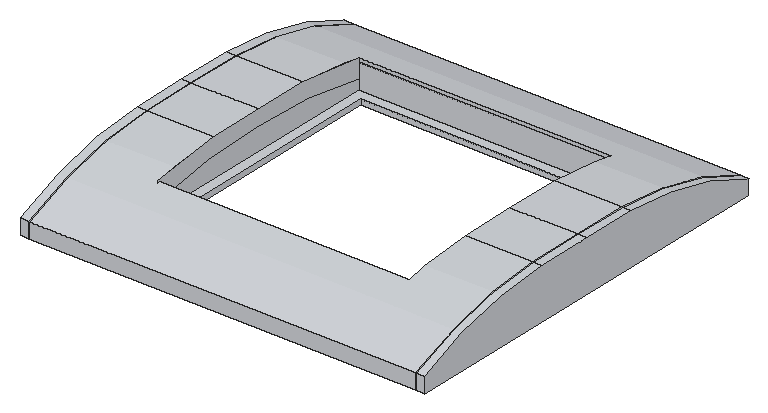
Revit family "Gira_021151", category Electrical Fixtures, host Face, Revit 2017
Family settings
  Host = Face
  Maintain Annotation Orientation = No
  Round Connector Dimension = Use Diameter
  Part Type = Normal
  Cut with Voids When Loaded = No
  Shared = No
  Room Calculation Point = No
Parameters (values of type "Cov.fr. 1-g interm.fr. CAl Gira Event Opaque mint")
  With mounting grid = "No"
  With hinged lid = "No"
  URL = "http://katalog.gira.de/en/datenblatt.html?artikelnr=021151"
  Type of fastening = "Clamp mounting"
  Transparent = "No"
  Surface protection = "Other"
  Suitable for wall duct = "No"
  Suitable for flush-mounted installation = "Yes"
  Suitable for floor box = "No"
  Suitable for built-in installation = "No"
  Number of units vertical = "1"
  Number of units horizontal = "1"
  Number of units = "1"
  Name = "Cov.fr. 1-g interm.fr. CAl Gira Event Opaque mint"
  Mounting direction = "Horizontal and vertical"
  Material quality = "Thermoplastic"
  Material = "Plastic"
  Manufacturer URL = "https://www.gira.de/"
  Manufacturer = "Gira"
  Label space/information surface = "No"
  Keynote = ""
  HeinzeBIM = "https://bimportal.heinze.de/bim/cov-fr-1-g-interm-fr-cal-gira-event-opaque-mint/ef4549ca6fbd62a530960c5a069dd4833859850e"
  Halogen free = "Yes"
  HAN = "021151"
  GTIN = "4010337211518"
  Description = "Cov.fr.1g i.fr.CAl EvOp MI,Gira Event Opaque frames,mint with colour aluminium intermediate frame,1-gang,Features:,- Shatter-proof."
  Degree of protection (IP) = "IP20"
  Default Elevation = 1219.2 mm
  Data sheet (1) = "https://katalog.gira.de/en/download.html?artikelnr=021151"
  Colour = "Green"
  Category = "Cover frame for domestic switching devices"
  BIM (1) = "https://media.stage.bim.site/public/gira/36a6b08/Event_Rahmen_1fach.rfa"
  Available = "No"
Reference planes
  plane 1 "Center (Front/Back)": y = 0
  plane 2: z = 0
  plane 3 "Center (Left/Right)": x = 0
Forms (mm)
  Extrusion 1, solid, detail levels fine
    sketch origin (0, 0, 1.55) x (0, 1, 0) y (0, 0, 1)
      loop
        arc (12.445, 9.683) -> (6.223, 9.833) -> (0, 9.85) r 291.636
        arc (0, 9.85) -> (-6.223, 9.833) -> (-12.445, 9.683) r 291.636
        arc (-12.445, 9.683) -> (-29.14, 7.482) -> (-45, 1.823) r 79.728
        line (-45, 1.823) -> (-45, -1.55) -> (-41.777, -1.55) -> (-41.777, -0.55)
        arc (-41.777, -0.55) -> (-21.205, 4.846) -> (0, 6.467) r 118.15
        arc (0, 6.467) -> (21.205, 4.846) -> (41.777, -0.55) r 118.15
        line (41.777, -0.55) -> (41.777, -1.55) -> (45, -1.55) -> (45, 1.823)
        arc (45, 1.823) -> (29.14, 7.482) -> (12.445, 9.683) r 79.728
    from -43 to 43
  Extrusion 2, void, detail levels fine
    sketch origin (0, 0, 0) x (1, 0, 0) y (0, 1, 0)
      loop
        line (-28, -28) -> (28, -28) -> (28, 28) -> (-28, 28) -> (-28, -28)
    from 2.85 to 12
  Extrusion 3, solid, detail levels coarse
    sketch origin (0, 0, 0) x (1, 0, 0) y (0, 1, 0)
      loop
        line (-45, 45) -> (-45, -45) -> (45, -45) -> (45, 45) -> (-45, 45)
    from 0 to 11.4
  Extrusion 4, solid, detail levels medium
    sketch origin (0, 0, 1.55) x (0, 1, 0) y (0, 0, 1)
      loop
        arc (12.445, 9.683) -> (6.223, 9.833) -> (0, 9.85) r 291.636
        arc (0, 9.85) -> (-6.223, 9.833) -> (-12.445, 9.683) r 291.636
        arc (-12.445, 9.683) -> (-29.14, 7.482) -> (-45, 1.823) r 79.728
        line (-45, 1.823) -> (-45, -1.55) -> (45, -1.55) -> (45, 1.823)
        arc (45, 1.823) -> (29.14, 7.482) -> (12.445, 9.683) r 79.728
    from -45 to 45
  Extrusion 5, solid, detail levels fine
    sketch origin (0, 0, 0) x (0, 1, 0) y (0, 0, 1)
      loop
        arc (45, 3.373) -> (29.14, 9.032) -> (12.445, 11.233) r 79.728
        arc (12.445, 11.233) -> (6.223, 11.383) -> (0, 11.4) r 291.636
        arc (0, 11.4) -> (-6.223, 11.383) -> (-12.445, 11.233) r 291.636
        arc (-12.445, 11.233) -> (-29.14, 9.032) -> (-45, 3.373) r 79.728
        line (-45, 3.373) -> (-45, 0) -> (45, 0) -> (45, 3.373)
    from 43 to 45
  Extrusion 6, solid, detail levels fine
    sketch origin (0, 0, 0) x (0, 1, 0) y (0, 0, -1)
      loop
        line (45, -3.373) -> (45, 0) -> (-45, 0) -> (-45, -3.373)
        arc (-45, -3.373) -> (-29.14, -9.032) -> (-12.445, -11.233) r 79.728
        arc (-12.445, -11.233) -> (-6.223, -11.383) -> (0, -11.4) r 291.636
        arc (0, -11.4) -> (6.223, -11.383) -> (12.445, -11.233) r 291.636
        arc (12.445, -11.233) -> (29.14, -9.032) -> (45, -3.373) r 79.728
    from 43 to 45
  Extrusion 7, solid, detail levels fine
    sketch origin (0, 0, 0) x (1, 0, 0) y (0, 1, 0)
      loop
        line (-25.7, 25.7) -> (-25.7, -25.7) -> (25.7, -25.7) -> (25.7, 25.7) -> (-25.7, 25.7)
      loop
        line (-29.495, 27.895) -> (-29.495, -27.895)
        spline (-29.495, -27.895) -> (-29.486, -28.025) -> (-29.461, -28.154) -> (-29.419, -28.278) -> (-29.361, -28.395) -> (-29.288, -28.504) -> (-29.202, -28.602) -> (-29.104, -28.688) -> (-28.995, -28.761) -> (-28.878, -28.819) -> (-28.754, -28.861) -> (-28.625, -28.886) -> (-28.495, -28.895)
        line (-28.495, -28.895) -> (28.495, -28.895)
        spline (28.495, -28.895) -> (28.625, -28.886) -> (28.754, -28.861) -> (28.878, -28.819) -> (28.995, -28.761) -> (29.104, -28.688) -> (29.202, -28.602) -> (29.288, -28.504) -> (29.361, -28.395) -> (29.419, -28.278) -> (29.461, -28.154) -> (29.486, -28.025) -> (29.495, -27.895)
        line (29.495, -27.895) -> (29.495, 27.895)
        spline (29.495, 27.895) -> (29.486, 28.025) -> (29.461, 28.154) -> (29.419, 28.278) -> (29.361, 28.395) -> (29.288, 28.504) -> (29.202, 28.602) -> (29.104, 28.688) -> (28.995, 28.761) -> (28.878, 28.819) -> (28.754, 28.861) -> (28.625, 28.886) -> (28.495, 28.895)
        line (28.495, 28.895) -> (-28.495, 28.895)
        spline (-28.495, 28.895) -> (-28.625, 28.886) -> (-28.754, 28.861) -> (-28.878, 28.819) -> (-28.995, 28.761) -> (-29.104, 28.688) -> (-29.202, 28.602) -> (-29.288, 28.504) -> (-29.361, 28.395) -> (-29.419, 28.278) -> (-29.461, 28.154) -> (-29.486, 28.025) -> (-29.495, 27.895)
    from 1.673 to 8.5
Cuts and joins
  Extrusion 2 cuts Extrusion 1
  Extrusion 2 cuts Extrusion 7
Dimensions and locks
  aligned and locked: plane 2 to host face
  aligned and locked: level to host face
